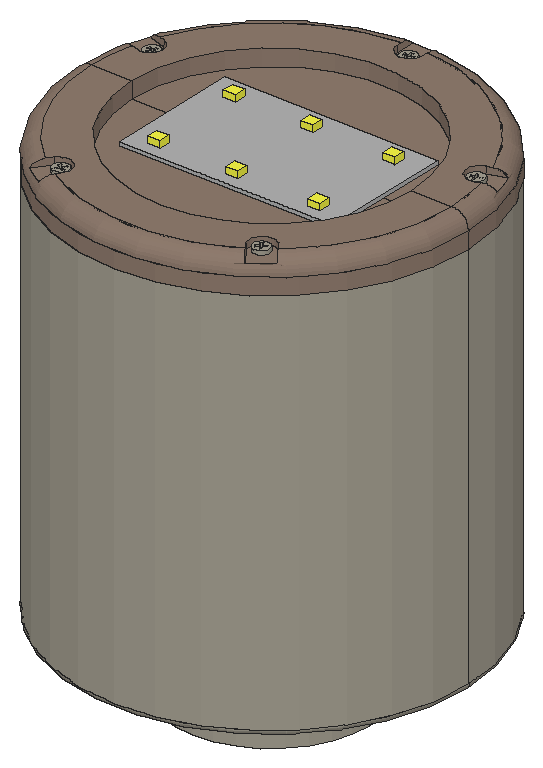
Revit family "LTV767NF6L3KUVNB", category Lighting Fixtures, host Face, Revit 2021
Family settings
  Host = Face
  Round Connector Dimension = Use Diameter
  Part Type = Normal
  Cut with Voids When Loaded = No
  Light Source = Yes
  Shared = No
  Room Calculation Point = No
Parameters (values of type "LTV767NF/6L3KUV/NB")
  White Surface = Paint  - White Texture
  Wattage Comments = "11W"
  Wattage = 11 W
  built-in parameter 1150110 = 1 (stored number, unit not read)
  Voltage = "120 to 277V"
  URL = "https://www.currentlighting.com/kimlighting"
  Type Comments = "Lighting Fixture"  # constant formula
  built-in parameter 1114217 = 1 (stored number, unit not read)
  Tilt Angle = -90.00°
  built-in parameter 1150109 = 1 (stored number, unit not read)
  built-in parameter 1150134 = 3
  built-in parameter 1150113 = 1 (stored number, unit not read)
  Specification = "Energy efficient LED models\r\nBrass or aluminum housing for durability\r\nHex cell louver and prismatic spread lens options"  # constant formula
  Series = "In-grade/ Landscape "  # constant formula
  Product Page = ""
  Power Factor = 1  # constant formula
  Photometric Web File = "ltv767nf-6led.ies"
  OmniClass Title = "Buried Uplights"  # constant formula
  OmniClass Number = "23-80 70 14 11 21"  # constant formula
  Number of Poles = 1
  Note Visible = yes
  Note Text = "LF"  # constant formula
  Model = "LTV767NF/6L3KUV/NB"  # constant formula
  Manufacturer = "KIM Lighting"  # constant formula
  built-in parameter 1150105 = 87.535 (stored number, unit not read)
  Lumens = 1100 lm
  built-in parameter 1150115 = 1 (stored number, unit not read)
  built-in parameter 1150137 = (empty or 0)
  built-in parameter 1150139 = (empty or 0)
  Lens Ring Material = Metal-Bronze
  built-in parameter 1150112 = 1 (stored number, unit not read)
  built-in parameter 1150114 = 1 (stored number, unit not read)
  Lamp = "LED"
  LED = Default Light Source
  built-in parameter 1150132 = (empty or 0)
  built-in parameter 1150102 = (empty or 0)
  built-in parameter 1150107 = 3200 (stored number, unit not read)
  built-in parameter 1150138 = (empty or 0)
  built-in parameter 1150106 = 0.87535 (stored number, unit not read)
  Emit from Circle Diameter = 5.000"
  Emit Shape Visible in Rendering = no
  Diameter = 6.000"
  Contact us = ""
  Composite Housing material = Plastic-Fiberglass
  Glass Material = Glass-Clear
  Full Load Current = 11 A
  Frequency = 60 Hz
  Finish = "Cast Bronze, Natural Finish"  # constant formula
  built-in parameter 1150104 = 9.2903 (stored number, unit not read)
  Dimming Lamp Color Temperature Shift = <None>
  Description = "Minivault incorporates more than 50 years of in-grade experience into every luminaire. A commitment to produce the most durable product possible is the core of the series, which now includes new low wattage pulse start metal halide lamps and LEDs expanding into residential applications."  # constant formula
  Default Elevation = 0.000"
  Color Filter = 16777215
  built-in parameter 1114218 = 1 (stored number, unit not read)
  built-in parameter 1150133 = 10 (stored number, unit not read)
  Assembly Code = "D5020200"
  Apparent Load = 11 VA
Reference planes (in)
  plane 1 "Center (Front/Back)": y = 0
  plane 2: z = 0
  plane 3 "Center (Left/Right)": x = 0
  plane 4 "Bot of Lamp": z = -7.03125
  plane 5 "Top of Lamp": z = 0.75
  plane 6: z = -2
  plane 7: z = -2.5
  plane 8: z = 0.5
  plane 9: z = 0.25
  plane 10: x = 3
  plane 11: x = -3
  plane 12: y = 3
  plane 13: y = -3
Forms (in)
  Revolve 1, solid, material "Plastic-Fiberglass" <- "Composite Housing material"
    sketch origin (0, 0, 0) x (1, 0, 0) y (0, 0, 1)
      loop
        line (0, -7.03125) -> (1.5, -7.03125) -> (1.5, -6.14386)
        arc (1.5, -6.14386) -> (1.53298, -6.06423) -> (1.61261, -6.03125) r 0.11261
        line (1.61261, -6.03125) -> (2.91051, -6.03125)
        arc (2.91051, -6.03125) -> (2.97379, -6.00504) -> (3, -5.94176) r 0.08949
        line (3, -5.94176) -> (3, 0) -> (0, 0) -> (0, -7.03125)
      axis (0, 0) -> (0, -7.03125)
    angle from 0 to 360
  Revolve 2, solid, material "Metal-Bronze" <- "Lens Ring Material"
    sketch origin (0, 0, 0) x (1, 0, 0) y (0, 0, 1)
      loop
        line (0, 0) -> (3, 0) -> (3, 0.25)
        arc (3, 0.25) -> (2.92678, 0.42678) -> (2.75, 0.5) r 0.25
        line (2.75, 0.5) -> (2.13697, 0.5) -> (2.13697, 0.25) -> (0, 0.25) -> (0, 0)
      axis (0, 0.5) -> (0, 0)
    angle from 0 to 360
  Extrusion 3, solid, material "Default Light Source" <- "LED"
    sketch origin (0, 0, 0) x (1, 0, 0) y (0, 1, 0)
      loop
        line (-1.25669, 0.81898) -> (-1.25669, 0.64411) -> (-1.07118, 0.64411) -> (-1.07118, 0.81898) -> (-1.25669, 0.81898)
      loop
        line (-0.07439, 0.81898) -> (-0.07439, 0.64411) -> (0.11112, 0.64411) -> (0.11112, 0.81898) -> (-0.07439, 0.81898)
      loop
        line (1.17561, 0.81898) -> (1.17561, 0.64411) -> (1.36112, 0.64411) -> (1.36112, 0.81898) -> (1.17561, 0.81898)
      loop
        line (-1.25669, -0.61704) -> (-1.25669, -0.79191) -> (-1.07118, -0.79191) -> (-1.07118, -0.61704) -> (-1.25669, -0.61704)
      loop
        line (-0.07439, -0.61704) -> (-0.07439, -0.79191) -> (0.11112, -0.79191) -> (0.11112, -0.61704) -> (-0.07439, -0.61704)
      loop
        line (1.17561, -0.61704) -> (1.17561, -0.79191) -> (1.36112, -0.79191) -> (1.36112, -0.61704) -> (1.17561, -0.61704)
    from 0.25 to 0.40246
  Revolve 4, solid, material "Glass-Clear" <- "Glass Material", detail levels coarse
    sketch origin (0, 0, 0) x (1, 0, 0) y (0, 0, 1)
      loop
        line (0, 0.5) -> (0, 0.45465) -> (2.13697, 0.45465) -> (2.13697, 0.5) -> (0, 0.5)
      axis (0, 0.5) -> (0, 0.45465)
    angle from 0 to 360
  Extrusion 5, void
    sketch origin (0, 0, 0) x (1, 0, 0) y (0, 1, 0)
      loop
        line (-0.20716, 3.08294) -> (-0.20716, 2.64544)
        arc (-0.20716, 2.64544) -> (-0.00972, 2.448) -> (0.18772, 2.64544) r 0.19744
        line (0.18772, 2.64544) -> (0.18772, 3.08294) -> (-0.20716, 3.08294)
      loop
        line (2.86803, 1.1497) -> (2.45195, 1.0145)
        arc (2.45195, 1.0145) -> (2.32518, 0.76571) -> (2.57397, 0.63895) r 0.19744
        line (2.57397, 0.63895) -> (2.99006, 0.77414) -> (2.86803, 1.1497)
      loop
        line (1.9797, -2.37239) -> (1.72254, -2.01844)
        arc (1.72254, -2.01844) -> (1.44676, -1.97476) -> (1.40308, -2.25055) r 0.19744
        line (1.40308, -2.25055) -> (1.66023, -2.60449) -> (1.9797, -2.37239)
      loop
        line (-1.64451, -2.61591) -> (-1.38736, -2.26197)
        arc (-1.38736, -2.26197) -> (-1.43104, -1.98618) -> (-1.70682, -2.02986) r 0.19744
        line (-1.70682, -2.02986) -> (-1.96398, -2.38381) -> (-1.64451, -2.61591)
      loop
        line (-2.86803, 1.1497) -> (-2.99006, 0.77414) -> (-2.57397, 0.63895)
        arc (-2.57397, 0.63895) -> (-2.32518, 0.76571) -> (-2.45195, 1.0145) r 0.19744
        line (-2.45195, 1.0145) -> (-2.86803, 1.1497)
    from 0.40246 to 0.5
  Extrusion 6, solid, material "Plastic-Fiberglass" <- "Composite Housing material"
    sketch origin (0, 0, 0) x (1, 0, 0) y (0, 1, 0)
      loop
        circle (0, 2.60287) r 0.12075
      loop
        line (-0.0162, 2.67726) -> (-0.0162, 2.62053) -> (-0.07292, 2.62053) -> (-0.07292, 2.58166) -> (-0.0162, 2.58166) -> (-0.0162, 2.52494) -> (0.02267, 2.52494) -> (0.02267, 2.58166) -> (0.0794, 2.58166) -> (0.0794, 2.62053) -> (0.02267, 2.62053) -> (0.02267, 2.67726) -> (-0.0162, 2.67726)
    from 0.40246 to 0.45465
  Extrusion 7, solid, material "Plastic-Fiberglass" <- "Composite Housing material"
    sketch origin (0, 0, 0) x (0.309017, -0.951057, 0) y (0.951057, 0.309017, 0)
      loop
        circle (0, 2.60287) r 0.12075
      loop
        line (-0.0162, 2.67726) -> (-0.0162, 2.62053) -> (-0.07292, 2.62053) -> (-0.07292, 2.58166) -> (-0.0162, 2.58166) -> (-0.0162, 2.52494) -> (0.02267, 2.52494) -> (0.02267, 2.58166) -> (0.0794, 2.58166) -> (0.0794, 2.62053) -> (0.02267, 2.62053) -> (0.02267, 2.67726) -> (-0.0162, 2.67726)
    from 0.40246 to 0.45465
  Extrusion 8, solid, material "Plastic-Fiberglass" <- "Composite Housing material"
    sketch origin (0, 0, 0) x (-0.809017, -0.587785, 0) y (0.587785, -0.809017, 0)
      loop
        circle (0, 2.60287) r 0.12075
      loop
        line (-0.0162, 2.67726) -> (-0.0162, 2.62053) -> (-0.07292, 2.62053) -> (-0.07292, 2.58166) -> (-0.0162, 2.58166) -> (-0.0162, 2.52494) -> (0.02267, 2.52494) -> (0.02267, 2.58166) -> (0.0794, 2.58166) -> (0.0794, 2.62053) -> (0.02267, 2.62053) -> (0.02267, 2.67726) -> (-0.0162, 2.67726)
    from 0.40246 to 0.45465
  Extrusion 9, solid, material "Plastic-Fiberglass" <- "Composite Housing material"
    sketch origin (0, 0, 0) x (-0.809017, 0.587785, 0) y (-0.587785, -0.809017, 0)
      loop
        circle (0, 2.60287) r 0.12075
      loop
        line (-0.0162, 2.67726) -> (-0.0162, 2.62053) -> (-0.07292, 2.62053) -> (-0.07292, 2.58166) -> (-0.0162, 2.58166) -> (-0.0162, 2.52494) -> (0.02267, 2.52494) -> (0.02267, 2.58166) -> (0.0794, 2.58166) -> (0.0794, 2.62053) -> (0.02267, 2.62053) -> (0.02267, 2.67726) -> (-0.0162, 2.67726)
    from 0.40246 to 0.45465
  Extrusion 10, solid, material "Plastic-Fiberglass" <- "Composite Housing material"
    sketch origin (0, 0, 0) x (-0.309017, -0.951057, 0) y (0.951057, -0.309017, 0)
      loop
        circle (0, -2.60287) r 0.12075
      loop
        line (-0.0162, -2.67726) -> (0.02267, -2.67726) -> (0.02267, -2.62053) -> (0.0794, -2.62053) -> (0.0794, -2.58166) -> (0.02267, -2.58166) -> (0.02267, -2.52494) -> (-0.0162, -2.52494) -> (-0.0162, -2.58166) -> (-0.07292, -2.58166) -> (-0.07292, -2.62053) -> (-0.0162, -2.62053) -> (-0.0162, -2.67726)
    from 0.40246 to 0.45465
  Extrusion 11, solid, material "Paint  - White Texture" <- "White Surface"
    sketch origin (0, 0, 0) x (1, 0, 0) y (0, 1, 0)
      loop
        line (-1.53933, 1.03072) -> (-1.53933, -0.96928) -> (1.71067, -0.96928) -> (1.71067, 1.03072) -> (-1.53933, 1.03072)
    from 0.25 to 0.31029
Cuts and joins
  Extrusion 5 cuts Revolve 1
  Extrusion 5 cuts Revolve 2
Lines and regions (in)
  Masking region 1, detail levels coarse
    outline origin (0, 0, 0) x (0, 1, 0) y (0, 0, 1)
      loop
        line (4.5, 0.75) -> (-4.5, 0.75) -> (-4.5, -7.03125) -> (4.5, -7.03125) -> (4.5, 0.75)
  Masking region 2, detail levels medium+fine
    outline origin (0, 0, 0) x (0, 1, 0) y (0, 0, 1)
      loop
        line (4.5, 0.75) -> (-4.5, 0.75) -> (-4.5, 0) -> (-4.56513, -0.78065) -> (-4.487, -0.78065) -> (-4.90686, -2) -> (-5.05959, -2) -> (-5.05959, -2.5) -> (-4.56762, -2.5) -> (-4.33142, -4.21753) -> (-2.93669, -4.38203) -> (-2.93669, -5.09803) -> (-2, -5.09803) -> (-2, -7.03125) -> (2, -7.03125) -> (2, -5.09803) -> (2.93669, -5.09803) -> (2.93669, -4.38203) -> (4.33142, -4.21753) -> (4.56762, -2.5) -> (5.05959, -2.5) -> (5.05959, -2) -> (4.90686, -2) -> (4.487, -0.78065) -> (4.56513, -0.78065) -> (4.5, 0) -> (4.5, 0.75)
  Masking region 3, detail levels fine
    outline origin (0, 0, 0) x (0, 1, 0) y (0, 0, 1)
      loop
        line (0.5, -8.03125) -> (1.5, -8.03125) -> (1.5, -7.03125) -> (0.5, -7.03125) -> (0.5, -8.03125)
  symbolic lines
    curve 1: arc (3, 0, 0) -> (0, 3, 0) -> (-3, 0, 0) r 3
    curve 2: arc (-3, 0, 0) -> (0, -3, 0) -> (3, 0, 0) r 3
  symbolic lines, detail levels medium+fine
    curve 3: arc (-2.3, 0, 0) -> (0, 2.3, 0) -> (2.3, 0, 0) r 2.3
    curve 4: arc (2.3, 0, 0) -> (0, -2.3, 0) -> (-2.3, 0, 0) r 2.3
  symbolic lines, detail levels fine
    curve 5: circle (0, 2.6317, 0) r 0.1875 normal (0, 0, -1)
    curve 8: line (0, 4.5, 0) -> (0, -4.5, 0)
    curve 9: line (0, 4.487, -0.78065) -> (0, -4.487, -0.78065)
    curve 10: line (0, 4.90686, -2) -> (0, -4.90686, -2)
    curve 11: line (0, 4.56762, -2.5) -> (0, -4.56762, -2.5)
    curve 12: line (0, 3.89346, -2.5) -> (0, 3.89346, -3.8512)
    curve 13: line (0, 3.89346, -3.8512) -> (0, 0.0625, -3.8512)
    curve 14: line (0, -3.89346, -3.8512) -> (0, -3.89346, -2.5)
    curve 15: line (0, 2.93669, -4.38203) -> (0, 2.93669, -3.8512)
    curve 16: line (0, -2.93669, -4.38203) -> (0, -2.93669, -3.8512)
    curve 17: line (0, 1.93669, -5.09803) -> (0, -1.93669, -5.09803)
    curve 18: line (0, 2.93669, -4.56678) -> (0, 1.93669, -4.56678)
    curve 19: line (0, 1.93669, -4.56678) -> (0, 1.93669, -5.09803)
    curve 20: line (0, -2.93669, -4.56678) -> (0, -1.93669, -4.56678)
    curve 21: line (0, -1.93669, -4.56678) -> (0, -1.93669, -5.09803)
    curve 22: line (0, 0.0625, -2.5) -> (0, 0.0625, -4.38203)
    curve 23: line (0, 0.0625, -4.38203) -> (0, -0.0625, -4.38203)
    curve 24: line (0, -0.0625, -4.38203) -> (0, -0.0625, -2.5)
    curve 25: line (0, -0.0625, -3.8512) -> (0, -3.89346, -3.8512)
    curve 26: line (0, 1.69096, -5.09803) -> (0, 1.69096, -5.83415)
    curve 27: line (0, 1.69096, -5.83415) -> (0, 1.06013, -5.83415)
    curve 28: line (0, 1.06013, -5.83415) -> (0, 1.06013, -5.09803)
    curve 29: line (0, -1.06013, -5.09803) -> (0, -1.06013, -5.83415)
    curve 30: line (0, -1.06013, -5.83415) -> (0, -1.70555, -5.83415)
    curve 31: line (0, -1.70555, -5.83415) -> (0, -1.70555, -5.09803)
    curve 32: circle (2.5029, 0.81324, 0) r 0.1875 normal (0, 0, -1)
    curve 33: circle (1.54688, -2.12909, 0) r 0.1875 normal (0, 0, -1)
    curve 34: circle (-1.54688, -2.12909, 0) r 0.1875 normal (0, 0, -1)
    curve 35: circle (-2.5029, 0.81324, 0) r 0.1875 normal (0, 0, 1)
    curve 36: line (0, 0, -7.03125) -> (1.5, 0, -7.03125)
    curve 37: line (1.5, 0, -7.03125) -> (1.5, 0, -6.14386)
    curve 38: line (1.61261, 0, -6.03125) -> (2.91051, 0, -6.03125)
    curve 39: line (3, 0, -5.94176) -> (3, 0, 0)
    curve 40: line (3, 0, 0) -> (3, 0, 0.25)
    curve 41: line (3, 0, 0.25) -> (3, 0, 0.5)
    curve 42: line (3, 0, 0.5) -> (3, 0, 0.53685)
    curve 43: arc (3, 0, 0.53685) -> (2.94672, 0, 0.66547) -> (2.8181, 0, 0.71875) r 0.1819
    curve 44: arc (1.5, 0, -6.14386) -> (1.53298, 0, -6.06423) -> (1.61261, 0, -6.03125) r 0.11261
    curve 45: arc (2.91051, 0, -6.03125) -> (2.97379, 0, -6.00504) -> (3, 0, -5.94176) r 0.08949
    curve 46: arc (0, 0, 0.75) -> (1.28132, 0, 0.73442) -> (2.56061, 0, 0.66058) r 28.1719
    curve 47: arc (2.56061, 0, 0.66058) -> (2.69379, 0, 0.67004) -> (2.8181, 0, 0.71875) r 0.44296
    curve 48: line (0, 0, -7.03125) -> (-1.5, 0, -7.03125)
    curve 49: line (-1.5, 0, -7.03125) -> (-1.5, 0, -6.14386)
    curve 50: line (-1.61261, 0, -6.03125) -> (-2.91051, 0, -6.03125)
    curve 51: line (-3, 0, -5.94176) -> (-3, 0, 0)
    curve 52: line (-3, 0, 0) -> (-3, 0, 0.25)
    curve 53: line (-3, 0, 0.25) -> (-3, 0, 0.5)
    curve 54: line (-3, 0, 0.5) -> (-3, 0, 0.53685)
    curve 55: arc (-3, 0, 0.53685) -> (-2.94672, 0, 0.66547) -> (-2.8181, 0, 0.71875) r 0.1819
    curve 56: arc (-1.5, 0, -6.14386) -> (-1.53298, 0, -6.06423) -> (-1.61261, 0, -6.03125) r 0.11261
    curve 57: arc (-2.91051, 0, -6.03125) -> (-2.97379, 0, -6.00504) -> (-3, 0, -5.94176) r 0.08949
    curve 58: arc (0, 0, 0.75) -> (-1.28132, 0, 0.73442) -> (-2.56061, 0, 0.66058) r 28.1719
    curve 59: arc (-2.56061, 0, 0.66058) -> (-2.69379, 0, 0.67004) -> (-2.8181, 0, 0.71875) r 0.44296
  symbolic lines, detail levels coarse
    curve 6: line (0, 4.5, 0.75) -> (0, -4.5, -7.03125)
    curve 7: line (0, 4.5, -7.03125) -> (0, -4.5, 0.75)
Dimensions and locks (in)
  level to plane 4 "Bot of Lamp" = 7.03125"
  locked: plane 5 "Top of Lamp" to level at 0.75
  locked: level to plane 6 at 2
  locked: level to plane 7 at 2.5
  locked: plane 9 to plane 2 at 0.25
  locked: plane 8 to plane 2 at 0.5
  "Diameter": plane 11 to plane 10
  aligned and locked: plane 2 to host face
  aligned and locked: level to host face
  aligned and locked: imposter light to plane 3 "Center (Left/Right)"
  aligned and locked: nested 1 to imposter light
  aligned and locked: plane 5 "Top of Lamp" to imposter light
  aligned and locked: plane 4 "Bot of Lamp" to Masking region 1 sketch curve
  aligned and locked: Masking region 1 sketch curve to plane 5 "Top of Lamp"
Automatic sketch dimensions
  curve 1 to curve 2 = 0.000"  (x2)
  curve 1 to curve 3 = 0.000"  (x2)
  curve 1 to curve 4 = 0.000"  (x2)
  curve 2 to curve 3 = 0.000"  (x2)
  curve 2 to curve 4 = 0.000"  (x2)
  curve 3 to curve 4 = 0.000"  (x2)
  plane 1 "Center (Front/Back)" to curve 2 = 0.000"
  curve 2 to plane 11 = 0.000"
  curve 3 to plane 3 "Center (Left/Right)" = 0.000"
  curve 5 to plane 3 "Center (Left/Right)" = 0.000"
  plane 11 to curve 35 = 0.4971"
  plane 11 to curve 34 = 1.45312"
  curve 33 to plane 10 = 1.45312"
  curve 32 to plane 10 = 0.4971"
  curve 34 to plane 13 = 0.87091"
  curve 33 to plane 13 = 0.87091"
  curve 35 to plane 1 "Center (Front/Back)" = 0.81324"
  curve 32 to plane 1 "Center (Front/Back)" = 0.81324"
  plane 12 to curve 5 = 0.3683"
  plane 11 to curve 4 = 0.700"
  curve 10 to plane 6 = 0.000"
  curve 11 to plane 7 = 0.000"
  curve 7 to plane 5 "Top of Lamp" = 0.000"
  curve 8 to level = 0.000"
  curve 6 to plane 4 "Bot of Lamp" = 0.000"
  curve 7 to plane 4 "Bot of Lamp" = 0.000"
  curve 6 to plane 5 "Top of Lamp" = 0.000"
  plane 13 to curve 25 = 0.89346"
  curve 21 to plane 13 = 1.06331"
  curve 17 to curve 30 = 0.23114"
  curve 30 to curve 30 = 0.64542"
  plane 1 "Center (Front/Back)" to curve 24 = 0.0625"
  curve 22 to plane 1 "Center (Front/Back)" = 0.0625"
  curve 28 to plane 1 "Center (Front/Back)" = 1.06013"
  curve 27 to curve 26 = 0.63084"
  curve 26 to curve 17 = 0.24572"
  curve 13 to plane 12 = 0.89346"
  plane 4 "Bot of Lamp" to curve 26 = 1.1971"
  plane 4 "Bot of Lamp" to curve 31 = 1.1971"
  curve 30 to curve 21 = 0.73612"
  curve 17 to curve 19 = 0.53125"
  curve 17 to curve 21 = 0.53125"
  curve 29 to curve 24 = 0.716"
  curve 18 to curve 13 = 0.71558"
  curve 20 to curve 25 = 0.71558"
  plane 13 to curve 9 = 1.487"
  plane 13 to curve 6 = 1.500"
  curve 8 to curve 9 = 0.013"
  curve 7 to curve 8 = 0.000"
  curve 11 to curve 14 = 0.67415"
  curve 10 to curve 11 = 0.33924"
  curve 20 to plane 13 = 0.06331"
  curve 16 to plane 13 = 0.06331"
  plane 12 to curve 15 = 0.06331"
  plane 12 to curve 18 = 0.06331"
  curve 9 to plane 12 = 1.487"
  curve 7 to plane 12 = 1.500"
  curve 6 to plane 12 = 1.500"
  curve 8 to curve 6 = 0.000"
  curve 12 to curve 11 = 0.67415"
  curve 11 to curve 10 = 0.33924"
  curve 20 to curve 16 = 0.18475"
  curve 18 to curve 15 = 0.18475"
  curve 9 to level = 0.78065"
  host sketch curve to host sketch curve = 96.000"  (x2)
  curve 54 to plane 11 = 0.000"
  curve 49 to plane 4 "Bot of Lamp" = 0.000"
  curve 46 to plane 3 "Center (Left/Right)" = 0.000"
  curve 48 to plane 3 "Center (Left/Right)" = 0.000"
  curve 40 to level = 0.000"
  curve 40 to plane 10 = 0.000"
  curve 51 to level = 0.000"
  curve 41 to plane 9 = 0.000"
  curve 53 to plane 9 = 0.000"
  curve 54 to plane 8 = 0.000"
  curve 42 to plane 8 = 0.000"
  curve 46 to plane 5 "Top of Lamp" = 0.000"
  plane 11 to curve 50 = 0.08949"
  plane 8 to curve 55 = 0.03685"
  plane 11 to curve 55 = 0.1819"
  plane 11 to curve 59 = 0.40382"
  curve 57 to curve 56 = 1.2979"
  curve 56 to curve 49 = 0.11261"
  curve 58 to plane 3 "Center (Left/Right)" = 0.29814"
  plane 3 "Center (Left/Right)" to curve 46 = 0.29814"
  plane 3 "Center (Left/Right)" to curve 37 = 1.500"
  curve 44 to curve 38 = 0.11261"
  curve 47 to plane 10 = 0.40382"
  plane 8 to curve 43 = 0.03685"
  curve 43 to plane 10 = 0.1819"
  curve 38 to plane 10 = 0.08949"
  curve 46 to plane 4 "Bot of Lamp" = 20.38907"
  curve 58 to curve 46 = 0.000"
  curve 36 to curve 37 = 0.88739"
  plane 4 "Bot of Lamp" to curve 56 = 0.88739"
  plane 5 "Top of Lamp" to curve 47 = 0.35211"
  plane 5 "Top of Lamp" to curve 59 = 0.35211"
  plane 13 to Masking region 1 sketch curve = 1.500"
  Masking region 1 sketch curve to plane 12 = 1.500"
  Masking region 2 sketch curve to plane 6 = 0.000"  (x2)
  Masking region 2 sketch curve to plane 7 = 0.000"  (x2)
  Masking region 2 sketch curve to plane 5 "Top of Lamp" = 0.000"
  Masking region 2 sketch curve to level = 0.000"  (x2)
  Masking region 2 sketch curve to plane 4 "Bot of Lamp" = 0.000"
  plane 13 to Masking region 2 sketch curve = 2.05959"
  Masking region 2 sketch curve to Masking region 2 sketch curve = 0.15273"
  Masking region 2 sketch curve to Masking region 2 sketch curve = 0.49198"  (x2)
  Masking region 2 sketch curve to level = 0.78065"  (x2)
  Masking region 2 sketch curve to Masking region 2 sketch curve = 0.34172"
  plane 13 to Masking region 2 sketch curve = 1.500"
  Masking region 2 sketch curve to Masking region 2 sketch curve = 0.07813"  (x2)
  plane 13 to Masking region 2 sketch curve = 1.33142"
  Masking region 2 sketch curve to plane 13 = 0.06331"
  Masking region 2 sketch curve to Masking region 2 sketch curve = 0.93669"
  plane 12 to Masking region 2 sketch curve = 1.000"
  plane 12 to Masking region 2 sketch curve = 0.06331"
  Masking region 2 sketch curve to plane 12 = 1.33142"
  Masking region 2 sketch curve to plane 12 = 1.487"
  Masking region 2 sketch curve to Masking region 2 sketch curve = 0.013"
  Masking region 2 sketch curve to plane 12 = 1.56762"
  Masking region 2 sketch curve to Masking region 2 sketch curve = 0.33924"
  plane 4 "Bot of Lamp" to Masking region 2 sketch curve = 1.93322"  (x2)
  Masking region 2 sketch curve to Masking region 2 sketch curve = 0.716"  (x2)
  Masking region 2 sketch curve to Masking region 2 sketch curve = 0.1645"  (x2)
  Masking region 3 sketch curve to plane 4 "Bot of Lamp" = 0.000"
  Masking region 3 sketch curve to plane 1 "Center (Front/Back)" = 0.500"
  Masking region 3 sketch curve to Masking region 3 sketch curve = 1.000"  (x2)
  Revolve 1 sketch curve to plane 3 "Center (Left/Right)" = 0.000"  (x2)
  Revolve 1 sketch curve to plane 4 "Bot of Lamp" = 0.000"
  Revolve 1 sketch curve to plane 10 = 0.000"
  Revolve 1 sketch curve to level = 0.000"
  plane 4 "Bot of Lamp" to Revolve 1 sketch curve = 0.88739"
  plane 3 "Center (Left/Right)" to Revolve 1 sketch curve = 1.500"
  Revolve 1 sketch curve to Revolve 1 sketch curve = 0.11261"
  Revolve 1 sketch curve to plane 10 = 0.08949"
  Revolve 1 sketch curve to plane 4 "Bot of Lamp" = 4.21875"
  plane 5 "Top of Lamp" to Revolve 1 sketch curve = 12.000"
  Revolve 2 sketch curve to plane 3 "Center (Left/Right)" = 0.000"  (x2)
  Revolve 2 sketch curve to level = 0.000"
  Revolve 2 sketch curve to plane 9 = 0.000"  (x2)
  Revolve 2 sketch curve to plane 8 = 0.000"
  Revolve 2 sketch curve to plane 10 = 0.000"
  Revolve 2 sketch curve to Revolve 2 sketch curve = 0.61303"
  Revolve 2 sketch curve to plane 7 = 1.28125"
  plane 5 "Top of Lamp" to Revolve 2 sketch curve = 2.46875"
  Extrusion 3 sketch curve to plane 3 "Center (Left/Right)" = 1.25669"  (x2)
  Extrusion 3 sketch curve to Extrusion 3 sketch curve = 0.18551"  (x4)
  Extrusion 3 sketch curve to plane 3 "Center (Left/Right)" = 0.07439"  (x2)
  plane 3 "Center (Left/Right)" to Extrusion 3 sketch curve = 0.11112"  (x2)
  Extrusion 3 sketch curve to Extrusion 3 sketch curve = 1.06449"  (x2)
  plane 1 "Center (Front/Back)" to Extrusion 3 sketch curve = 0.79191"  (x3)
  Extrusion 3 sketch curve to Extrusion 3 sketch curve = 0.17487"  (x6)
  Extrusion 3 sketch curve to plane 1 "Center (Front/Back)" = 0.64411"  (x3)
  Revolve 4 sketch curve to plane 3 "Center (Left/Right)" = 0.000"  (x2)
  Revolve 4 sketch curve to plane 8 = 0.000"
  Revolve 4 sketch curve to plane 10 = 0.86303"
  Revolve 4 sketch curve to plane 8 = 0.04535"
  Revolve 4 sketch curve to plane 4 "Bot of Lamp" = 4.21875"
  plane 5 "Top of Lamp" to Revolve 4 sketch curve = 12.000"
  plane 11 to Extrusion 5 sketch curve = 0.00994"
  plane 11 to Extrusion 5 sketch curve = 0.13197"
  plane 11 to Extrusion 5 sketch curve = 0.42603"
  Extrusion 5 sketch curve to Extrusion 5 sketch curve = 0.06101"  (x4)
  plane 11 to Extrusion 5 sketch curve = 1.03602"
  Extrusion 5 sketch curve to Extrusion 5 sketch curve = 0.25716"  (x2)
  Extrusion 5 sketch curve to plane 13 = 0.38409"
  Extrusion 5 sketch curve to Extrusion 5 sketch curve = 0.31947"
  Extrusion 5 sketch curve to Extrusion 5 sketch curve = 0.15973"  (x4)
  Extrusion 5 sketch curve to plane 13 = 0.73803"
  Extrusion 5 sketch curve to plane 12 = 0.08294"
  Extrusion 5 sketch curve to plane 3 "Center (Left/Right)" = 0.20716"
  Extrusion 5 sketch curve to plane 3 "Center (Left/Right)" = 0.00972"
  plane 3 "Center (Left/Right)" to Extrusion 5 sketch curve = 1.40308"
  Extrusion 5 sketch curve to plane 13 = 0.39551"
  Extrusion 5 sketch curve to plane 13 = 0.98156"
  Extrusion 5 sketch curve to plane 13 = 0.62761"
  Extrusion 5 sketch curve to plane 10 = 0.54805"
  Extrusion 5 sketch curve to plane 10 = 0.13197"
  Extrusion 5 sketch curve to plane 10 = 0.00994"
  Extrusion 5 sketch curve to plane 1 "Center (Front/Back)" = 0.63895"  (x2)
  Extrusion 5 sketch curve to Extrusion 5 sketch curve = 0.13519"  (x2)
  plane 12 to Extrusion 5 sketch curve = 0.35456"
  Extrusion 6 sketch curve to plane 3 "Center (Left/Right)" = 0.000"
  Extrusion 6 sketch curve to plane 3 "Center (Left/Right)" = 0.0162"  (x2)
  Extrusion 6 sketch curve to Extrusion 6 sketch curve = 0.05673"  (x4)
  plane 3 "Center (Left/Right)" to Extrusion 6 sketch curve = 0.02267"  (x2)
  plane 12 to Extrusion 6 sketch curve = 0.47506"
  Extrusion 6 sketch curve to Extrusion 6 sketch curve = 0.000"
  Extrusion 6 sketch curve to Extrusion 6 sketch curve = 0.02121"
  Extrusion 6 sketch curve to Extrusion 6 sketch curve = 0.03887"  (x2)
  Extrusion 7 sketch curve to plane 10 = 0.53026"
  Extrusion 7 sketch curve to plane 1 "Center (Front/Back)" = 0.87914"
  Extrusion 7 sketch curve to Extrusion 7 sketch curve = 0.05673"  (x5)
  Extrusion 7 sketch curve to Extrusion 7 sketch curve = 0.0162"
  Extrusion 7 sketch curve to Extrusion 7 sketch curve = 0.03887"  (x4)
  Extrusion 7 sketch curve to Extrusion 7 sketch curve = 0.000"
  Extrusion 7 sketch curve to Extrusion 7 sketch curve = 0.01766"
  Extrusion 8 sketch curve to plane 13 = 0.92281"
  Extrusion 8 sketch curve to plane 10 = 1.40069"
  Extrusion 8 sketch curve to Extrusion 8 sketch curve = 0.05673"  (x5)
  Extrusion 8 sketch curve to Extrusion 8 sketch curve = 0.0162"
  Extrusion 8 sketch curve to Extrusion 8 sketch curve = 0.03887"  (x4)
  Extrusion 8 sketch curve to Extrusion 8 sketch curve = 0.000"
  Extrusion 8 sketch curve to Extrusion 8 sketch curve = 0.01766"
  Extrusion 9 sketch curve to plane 13 = 0.83708"
  Extrusion 9 sketch curve to plane 3 "Center (Left/Right)" = 1.48131"
  Extrusion 9 sketch curve to Extrusion 9 sketch curve = 0.05673"  (x5)
  Extrusion 9 sketch curve to Extrusion 9 sketch curve = 0.0162"
  Extrusion 9 sketch curve to Extrusion 9 sketch curve = 0.03887"  (x4)
  Extrusion 9 sketch curve to Extrusion 9 sketch curve = 0.000"
  Extrusion 9 sketch curve to Extrusion 9 sketch curve = 0.01766"
  Extrusion 10 sketch curve to plane 11 = 0.53026"
  plane 1 "Center (Front/Back)" to Extrusion 10 sketch curve = 0.87914"
  Extrusion 10 sketch curve to Extrusion 10 sketch curve = 0.05673"  (x5)
  Extrusion 10 sketch curve to Extrusion 10 sketch curve = 0.0162"
  Extrusion 10 sketch curve to Extrusion 10 sketch curve = 0.03887"  (x4)
  Extrusion 10 sketch curve to Extrusion 10 sketch curve = 0.000"
  Extrusion 10 sketch curve to Extrusion 10 sketch curve = 0.01766"
  plane 11 to Extrusion 11 sketch curve = 1.46067"
  Extrusion 11 sketch curve to plane 10 = 1.28933"
  plane 1 "Center (Front/Back)" to Extrusion 11 sketch curve = 0.96928"
  Extrusion 11 sketch curve to plane 1 "Center (Front/Back)" = 1.03072"
  radius of curve 5 = 0.1875"
  radius of curve 32 = 0.1875"
  radius of curve 33 = 0.1875"
  radius of curve 34 = 0.1875"
  radius of curve 35 = 0.1875"
  radius of Extrusion 6 sketch curve = 0.12075"
  radius of Extrusion 7 sketch curve = 0.12075"
  radius of Extrusion 8 sketch curve = 0.12075"
  radius of Extrusion 9 sketch curve = 0.12075"
  radius of Extrusion 10 sketch curve = 0.12075"
Nested families (in)
  nested 1: "Notation" at (0, 4.33469, 0), visible <- "Note Visible", type "Notation"
Connectors (in)
  electrical at (0, 0, 0), driven by "Apparent Load", driven by "Power Factor"
    settings: on Revolve 1, index 1, voltage 120 V, apparent load 11 VA, apparent load phase1 0 VA, apparent load phase2 0 VA, apparent load phase3 0 VA, power factor 1, load classification "Lighting", number of poles 1, system type 30, power factor state 1, is connector primary yes, connector utility no, sub classification motor no, connector description "Light Fixture"
Definition of nested family "Notation"
  Parameters
    Notation = "LF"
  Reference planes (in)
    plane 1: y = 0
    plane 2: x = 0
  Text (in)
    label "Notation" at (0.02149, 0.07192, 0), shows "Notation"
